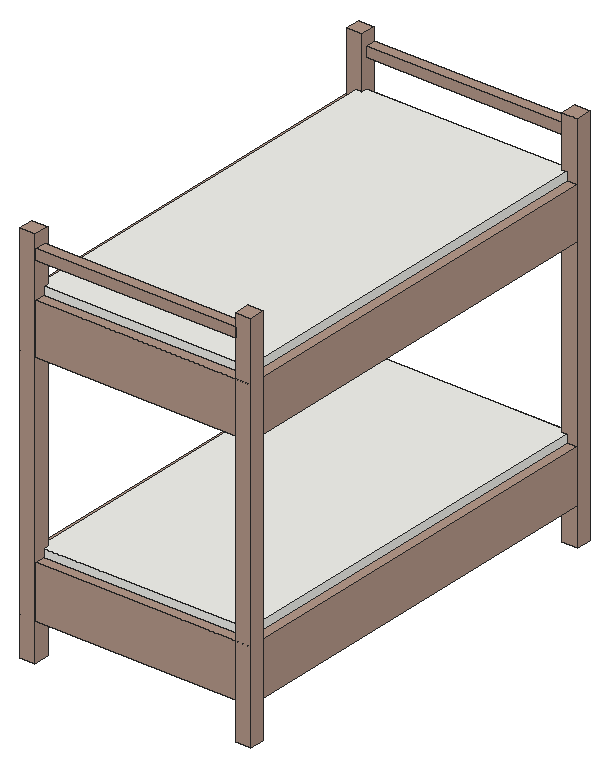
Revit family
Parameters (values of type "900 x 1650 mm")
  Width = 900 mm
  Material of Mattress = Mattress Material
  Length = 1650 mm
  Material of Base = Base Material
Types (3, lengths in mm): name | Length
  (no name) | 1650
  900 x 1650 mm | 1650
  900 x 1800 mm | 1800
Reference planes
  plane 1 "Center (Front/Back)": y = 0
  plane 2: z = 0
  plane 3 "Center (Left/Right)": x = 0
  plane 4: x = -450
  plane 5: x = 450
  plane 6: y = 825
  plane 7: y = -825
  plane 8: z = 1500
  plane 9: z = 1070
Forms (mm)
  Extrusion 1, solid, material "Base Material" <- "Material of Base"
    sketch origin (0, 0, 0) x (1, 0, 0) y (0, 1, 0)
      loop
        line (-450, 825) -> (-450, -825) -> (450, -825) -> (450, 825) -> (-450, 825)
      loop
        line (-410, 785) -> (-410, -785) -> (410, -785) -> (410, 785) -> (-410, 785)
    from 150 to 355
  Extrusion 2, solid, material "Base Material" <- "Material of Base"
    sketch origin (0, 0, 0) x (1, 0, 0) y (0, 1, 0)
      loop
        line (-450, 825) -> (-450, 765) -> (-390, 765) -> (-390, 825) -> (-450, 825)
      loop
        line (450, 825) -> (390.342, 825) -> (390.342, 765) -> (450, 765) -> (450, 825)
      loop
        line (450, -825) -> (450, -765) -> (390, -765) -> (390, -825) -> (450, -825)
      loop
        line (-450, -825) -> (-390, -825) -> (-390, -765) -> (-450, -765) -> (-450, -825)
    from 0 to 1500
  Extrusion 3, solid, material "Mattress Material" <- "Material of Mattress"
    sketch origin (0, 0, 0) x (1, 0, 0) y (0, 1, 0)
      loop
        line (-410, 785) -> (-410, -785) -> (410, -785) -> (410, 785) -> (-410, 785)
    from 200 to 385
  Extrusion 4, solid, material "Base Material" <- "Material of Base"
    sketch origin (0, 0, 1070) x (-1, 0, 0) y (0, 1, 0)
      loop
        line (450, 825) -> (-450, 825) -> (-450, -825) -> (450, -825) -> (450, 825)
      loop
        line (410, 785) -> (-410, 785) -> (-410, -785) -> (410, -785) -> (410, 785)
    from 0 to -200
  Extrusion 5, solid, material "Mattress Material" <- "Material of Mattress"
    sketch origin (0, 0, 1070) x (-1, 0, 0) y (0, 1, 0)
      loop
        line (410, 785) -> (-410, 785) -> (-410, -785) -> (410, -785) -> (410, 785)
    from -50 to -230
  Extrusion 6, solid, material "Base Material" <- "Material of Base"
    sketch origin (0, 0, 1500) x (0, -1, 0) y (-1, 0, 0)
      loop
        line (-825, 390) -> (-825, -390.342) -> (-785, -390.342) -> (-785, 390) -> (-825, 390)
      loop
        line (785, 390) -> (785, -390) -> (825, -390) -> (825, 390) -> (785, 390)
    from 50 to 90
Dimensions and locks
  equal spacing: plane 4, plane 3 "Center (Left/Right)", plane 5
  "Width": plane 4 to plane 5
  equal spacing: plane 7, plane 1 "Center (Front/Back)", plane 6
  "Length": plane 7 to plane 6
  locked: plane 8 to level at 1500
  aligned and locked: Extrusion 2 sketch curve to Extrusion 2 sketch curve
  aligned and locked: Extrusion 1 to Extrusion 3 sketch curve
  aligned and locked: Extrusion 3 sketch curve to Extrusion 1  (x3)
  aligned and locked: plane 8 to Extrusion 2
  aligned and locked: Extrusion 1 to Extrusion 4 sketch curve
  aligned and locked: Extrusion 4 sketch curve to Extrusion 1  (x3)
  aligned and locked: Extrusion 1 to Extrusion 5 sketch curve
  aligned and locked: Extrusion 5 sketch curve to Extrusion 1  (x3)
  aligned and locked: Extrusion 2 to Extrusion 6 sketch curve  (x2)
  aligned and locked: Extrusion 6 sketch curve to Extrusion 1
  aligned and locked: Extrusion 6 sketch curve to Extrusion 2  (x4)
  aligned and locked: Extrusion 1 to Extrusion 6 sketch curve
Automatic sketch dimensions
  plane 4 to Extrusion 1 sketch curve = 40 mm
  plane 6 to Extrusion 1 sketch curve = 40 mm
  Extrusion 1 sketch curve to plane 5 = 40 mm
  Extrusion 1 sketch curve to plane 7 = 40 mm
  plane 4 to Extrusion 2 sketch curve = 60 mm
  Extrusion 2 sketch curve to Extrusion 2 sketch curve = 60 mm  (x3)
  Extrusion 2 sketch curve to plane 5 = 59.658 mm
  Extrusion 2 sketch curve to plane 7 = 60 mm  (x2)
  Extrusion 1 sketch curve to plane 5 = 0 mm
  Extrusion 2 sketch curve to plane 5 = 0 mm  (x2)
  Extrusion 4 sketch curve to plane 5 = 0 mm
  Extrusion 1 sketch curve to plane 7 = 0 mm
  Extrusion 2 sketch curve to plane 7 = 0 mm  (x2)
  Extrusion 4 sketch curve to plane 7 = 0 mm
  Extrusion 1 sketch curve to plane 4 = 0 mm
  Extrusion 2 sketch curve to plane 4 = 0 mm  (x2)
  Extrusion 4 sketch curve to plane 4 = 0 mm
  Extrusion 1 sketch curve to plane 6 = 0 mm
  Extrusion 2 sketch curve to plane 6 = 0 mm  (x2)
  Extrusion 4 sketch curve to plane 6 = 0 mm
